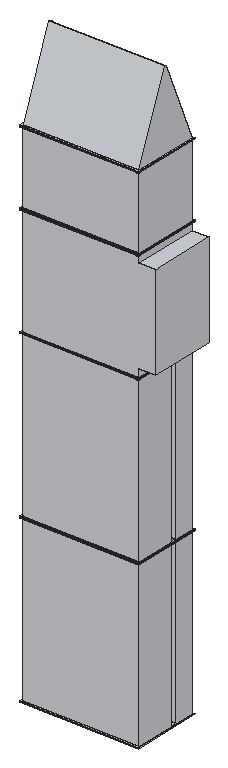
Revit family "18.Воздушная завеса с электрическим подогревом PWZ-C на базе вентилятора WNP", category Оборудование, Revit 2016
Family settings
  Тип детали = Нормальный
  Размер круглого соединителя = Использовать диаметр
  На основе рабочей плоскости = Нет
  Всегда вертикально = Да
  При загрузке вырезать с полостями = Нет
  Общий = Нет
  Точка расчета площади = Нет
Parameters (values of type "70-40 M")
  х2 = И1 / 2  # 1000 mm
  х1 = х * 0.6  # 672.84 mm
  х = И2 * 0.7  # 1121.4 mm
  отступ = х2 * 0.05  # 50 mm
  ножки(да/нет) [instance] = no
  Ширина щели = 42 mm  # constant formula
  Ширина = А  # 700 mm
  Частотный преобразователь [instance] = no
  Частота вращения n, об/мин = ""
  Ток эл. нагревателя, А = "45.1"
  Тип, марка, обозначение = "PWZ-C 70-40 M E"
  Сила тока J, А = "3,45"
  Регулятор расхода [instance] = no
  Раздел = "ОВ"
  Примечание = ""
  Позиция = ""
  Напряжение U,В = "3-380"
  Наименование и тех.хар-ка = "Воздушная завеса с электрическим подогревом"  # constant formula
  Мощность, кВт = 30 W
  Мощность двигателя N,Вт = "1500"
  Материал = Сталь серая
  Масса единицы = ""
  Макс. расход воздуха м3/ч = ""
  Макс. полное давление, Па = ""
  И2 = 1602 mm
  Код, оборудования = ""
  Ключевая пометка = "Вентиляция"
  И1 = 2000 mm
  Задание электрикам [instance] = no
  Задание автоматчикам [instance] = no
  Завод изготовитель = "KORF"  # constant formula
  Единица измерения = "шт."  # constant formula
  Высота = Б  # 400 mm
  Б1 = Б * 0.3  # 120 mm
  Б = 400 mm
  А = 700 mm
Types (6, lengths in mm): name | х1 | х | Ширина | Ток эл. нагревателя, А | Тип, марка, обозначение | Сила тока J, А | Мощность, кВт | Мощность двигателя N,Вт | И2 | Высота | Б1 | Б | А
  60-30 | 630.84 | 1051.4 | 600 | "22,6" | "PWZ-C 60-30 E" | "2.5" | 15 W | "1100" | 1502 | 300 | 90 | 300 | 600
  60-35 | 681.24 | 1135.4 | 600 | "33.9" | "PWZ-C 60-35 E" | "3,45" | 22.5 W | "1500" | 1622 | 350 | 105 | 350 | 600
  70-40 M | 672.84 | 1121.4 | 700 | "45.1" | "PWZ-C 70-40 M E" | "3,45" | 30 W | "1500" | 1602 | 400 | 120 | 400 | 700
  70-40 | 672.84 | 1121.4 | 700 | "45.1" | "PWZ-C 70-40 E" | "5.9" | 30 W | "3" | 1602 | 400 | 120 | 400 | 700
  80-50 | 725.34 | 1208.9 | 800 | "45.1" | "PWZ-C 80-50 E" | "5.9" | 30 W | "3000" | 1727 | 500 | 150 | 500 | 800
  90-50 | 841.26 | 1402.1 | 900 | "67.6" | "PWZ-C 90-50 E" | "10.7" | 45 W | "5500" | 2003 | 500 | 150 | 500 | 900
Reference planes
  plane 1 "По центру (Вперед/Назад)": y = 0
  plane 2: z = 0
  plane 3 "По центру (Влево/Вправо)": x = 0
  plane 4: x = -350
  plane 5: x = 350
  plane 6: y = 200
  plane 7: y = -200
  plane 8: z = 2000
  plane 9: z = 3602
  plane 10: z = 3121.4
  plane 11: z = 1000
  plane 12: y = 80
  plane 13: y = 38
  plane 14: x = 310
  plane 15: x = -310
  plane 16: z = 2672.84
  plane 17: z = 2622.84
  plane 18: z = 2050
  plane 19: x = 450
Forms (mm)
  Extrusion 1, void, not visible
    sketch origin (-345, -245, 50) x (0, -1, 0) y (0, 0, -1)
      loop
        line (-477.965, -475) -> (-477.965, -450) -> (-528.913, -450) -> (-528.913, -475) -> (-477.965, -475)
    from -47.452 to 12
  Extrusion 2, solid
    sketch origin (0, 0, 0) x (1, 0, 0) y (0, 1, 0)
      loop
        line (-350, 200) -> (-350, -200) -> (350, -200) -> (350, 200) -> (-350, 200)
    from 1000 to 2000
  Extrusion 3, solid
    sketch origin (10, 0, 305.382) x (1, 0, 0) y (0, 0, 1)
      loop
        line (-360, 2816.018) -> (-360, 2367.458) -> (340, 2367.458) -> (340, 2816.018) -> (-360, 2816.018)
    from -200 to 200
  Extrusion 4, solid
    sketch origin (0, 0, 0) x (1, 0, 0) y (0, 0, 1)
      loop
        line (-350, 1000) -> (-350, 0) -> (350, 0) -> (350, 1000) -> (-350, 1000)
    from -200 to 200
  Extrusion 5, solid
    sketch origin (0, 0, 0) x (0, 1, 0) y (0, 0, 1)
      loop
        line (200, 3121.4) -> (3.883, 3602) -> (0, 3602) -> (-3.883, 3602) -> (-200, 3121.4) -> (200, 3121.4)
    from -350 to 350
  Sweep 6, solid
    path in 3D
      loop
        line (350, -200, 0) -> (350, 200, 0) -> (-350, 200, 0) -> (-350, -200, 0) -> (350, -200, 0)
    profile origin (0, -200, 0) x (0, -1, 0) y (0, 0, -1)
      loop
        line (0, 0) -> (0, -5) -> (10, -5) -> (10, 0) -> (0, 0)
  Sweep 7, solid
    path in 3D
      loop
        line (-350, -200, 1000) -> (-350, 200, 1000) -> (350, 200, 1000) -> (350, -200, 1000) -> (-350, -200, 1000)
    profile origin (0, -200, 1000) x (0, -1, 0) y (0, 0, 1)
      loop
        line (10, -5) -> (10, -1.078) -> (8.696, 0) -> (10, 1.304) -> (10, 5) -> (0, 5) -> (0, 0) -> (0, -5) -> (10, -5)
  Sweep 8, solid
    path in 3D
      loop
        line (350, -200, 2672.84) -> (350, 200, 2672.84) -> (-350, 200, 2672.84) -> (-350, -200, 2672.84) -> (350, -200, 2672.84)
    profile origin (0, -200, 2672.84) x (0, -1, 0) y (0, 0, -1)
      loop
        line (0, -5) -> (10, -5) -> (10, -1.61) -> (8.39, 0) -> (10, 1.61) -> (10, 5) -> (0, 5) -> (0, 0) -> (0, -5)
  Sweep 9, solid
    path in 3D
      loop
        line (-350, -200, 3121.4) -> (-350, 200, 3121.4) -> (350, 200, 3121.4) -> (350, -200, 3121.4) -> (-350, -200, 3121.4)
    profile origin (0, -200, 3121.4) x (0, 1, 0) y (0, 0, -1)
      loop
        line (0, 5) -> (-10, 5) -> (-10, 1.71) -> (-8.29, 0) -> (-10, -1.71) -> (-10, -5) -> (3.254, -5) -> (0, 0.01) -> (0, 5)
  Extrusion 10, void
    sketch origin (0, 0, 0) x (0, 1, 0) y (0, 0, 1)
      loop
        line (38, 2000) -> (38, 5) -> (80, 5) -> (80, 2000) -> (38, 2000)
    from 310 to 350
  Extrusion 11, void
    sketch origin (0, 0, 0) x (0, 1, 0) y (0, 0, -1)
      loop
        line (38, -2000) -> (80, -2000) -> (80, -5) -> (38, -5) -> (38, -2000)
    from 310 to 350
  Extrusion 12, solid
    sketch origin (0, 0, 0) x (1, 0, 0) y (0, 0, 1)
      loop
        line (-350, 2672.84) -> (-350, 2000) -> (350, 2000) -> (350, 2672.84) -> (-350, 2672.84)
    from -200 to 200
  Sweep 13, solid
    path in 3D
      loop
        line (-350, 200, 2000) -> (-350, -200, 2000) -> (350, -200, 2000) -> (350, 200, 2000) -> (-350, 200, 2000)
    profile origin (0, 200, 2000) x (0, 1, 0) y (0, 0, -1)
      loop
        line (0, -3.024) -> (10, -3.024) -> (10, -1.125) -> (9.212, 0) -> (10, 1.265) -> (10, 3.024) -> (0, 3.024) -> (0, 0) -> (0, -3.024)
  Extrusion 14, solid
    sketch origin (0, 0, 0) x (1, 0, 0) y (0, 0, 1)
      loop
        line (350, 2622.84) -> (350, 2050) -> (450, 2050) -> (450, 2622.84) -> (350, 2622.84)
    from -200 to 200
Cuts and joins
  joined: Extrusion 5, Sweep 9
  Extrusion 10, Extrusion 11 cuts Extrusion 4
  Extrusion 10, Extrusion 11 cuts Extrusion 2
  Extrusion 11 cuts Extrusion 3
  Extrusion 11 cuts Sweep 6
  Extrusion 11 cuts Sweep 7
  Extrusion 11 cuts Sweep 8
  joined: Extrusion 12, Extrusion 14
Lines and regions (mm)
  sketch lines
    curve 1: line (-350, -200, 0) -> (350, -200, 0)
    curve 2: line (350, -200, 0) -> (350, 200, 0)
    curve 3: line (350, 200, 0) -> (-350, 200, 0)
    curve 4: line (-350, -200, 0) -> (-350, 200, 0)
    curve 5: line (350, -200, 1000) -> (-350, -200, 1000)
    curve 6: line (350, -200, 1000) -> (350, 200, 1000)
    curve 7: line (-350, 200, 1000) -> (350, 200, 1000)
    curve 8: line (-350, -200, 1000) -> (-350, 200, 1000)
    curve 9: line (-350, -200, 2672.84) -> (350, -200, 2672.84)
    curve 10: line (350, -200, 2672.84) -> (350, 200, 2672.84)
    curve 11: line (350, 200, 2672.84) -> (-350, 200, 2672.84)
    curve 12: line (-350, -200, 2672.84) -> (-350, 200, 2672.84)
    curve 13: line (350, -200, 3121.4) -> (-350, -200, 3121.4)
    curve 14: line (350, -200, 3121.4) -> (350, 200, 3121.4)
    curve 15: line (350, 200, 3121.4) -> (-350, 200, 3121.4)
    curve 16: line (-350, 200, 3121.4) -> (-350, -200, 3121.4)
    curve 17: line (350, 200, 2000) -> (-350, 200, 2000)
    curve 18: line (-350, -200, 2000) -> (-350, 200, 2000)
    curve 19: line (-350, -200, 2000) -> (350, -200, 2000)
    curve 20: line (350, -200, 2000) -> (350, 200, 2000)
Dimensions and locks
  equal spacing: plane 6, plane 1 "По центру (Вперед/Назад)", plane 7
  "Б": plane 6 to plane 7
  equal spacing: plane 4, plane 3 "По центру (Влево/Вправо)", plane 5
  "А": plane 4 to plane 5
  "И1": plane 8 to level
  "И2": plane 9 to plane 8
  "х": plane 10 to plane 8
  "х2": plane 11 to level
  "Б1": plane 12 to plane 6
  "Ширина щели": plane 13 to plane 12
  locked: plane 4 to plane 15 at 40
  locked: plane 14 to plane 5 at 40
  "х1": plane 16 to plane 8
  "отступ": plane 18 to plane 8
  "отступ": plane 16 to plane 17
  locked: plane 19 to plane 5 at 100
  aligned and locked: level to plane 2
  aligned and locked: Extrusion 2 to plane 4
  aligned and locked: Extrusion 2 to plane 7
  aligned and locked: plane 5 to Extrusion 2
  aligned and locked: plane 6 to Extrusion 2
  aligned and locked: plane 8 to Extrusion 2
  aligned and locked: Extrusion 3 to plane 4
  aligned and locked: plane 5 to Extrusion 3
  aligned and locked: plane 10 to Extrusion 3
  aligned and locked: Extrusion 2 to Extrusion 3
  aligned and locked: Extrusion 3 to Extrusion 2
  aligned and locked: Extrusion 2 to plane 11
  aligned and locked: plane 5 to Extrusion 4
  aligned and locked: Extrusion 4 to plane 4
  aligned and locked: Extrusion 4 to level
  aligned and locked: plane 11 to Extrusion 4
  aligned and locked: Extrusion 4 to Extrusion 2  (x2)
  aligned and locked: Extrusion 5 to Extrusion 2  (x2)
  aligned and locked: Extrusion 2 to Extrusion 10  (x2)
  aligned and locked: plane 12 to Extrusion 10
  aligned and locked: plane 13 to Extrusion 10
  aligned and locked: Extrusion 10 to plane 14
  aligned and locked: plane 12 to Extrusion 11
  aligned and locked: plane 13 to Extrusion 11
  aligned and locked: Extrusion 2 to Extrusion 11
  aligned and locked: Extrusion 11 to cut or joined group of Sweep 6, Extrusion 11
  aligned and locked: Extrusion 10 to cut or joined group of Sweep 6, Extrusion 11
  aligned and locked: Extrusion 3 to plane 16
  aligned and locked: plane 15 to Extrusion 11
  aligned and locked: Extrusion 12 to plane 4
  aligned and locked: plane 5 to Extrusion 12
  aligned and locked: Extrusion 12 to plane 8
  aligned and locked: Extrusion 12 to cut or joined group of Extrusion 3, Extrusion 11
  aligned and locked: Extrusion 12 to plane 7
  aligned and locked: plane 6 to Extrusion 12
  aligned and locked: Extrusion 14 to plane 17
  aligned and locked: Extrusion 14 to plane 18
  aligned and locked: plane 19 to Extrusion 14
  aligned and locked: Extrusion 14 to plane 5
  aligned and locked: Extrusion 14 to plane 7
  aligned and locked: plane 6 to Extrusion 14
Automatic sketch dimensions
  Extrusion 2 sketch curve to plane 4 = 0 mm
  Extrusion 2 sketch curve to plane 5 = 0 mm
  Extrusion 2 sketch curve to plane 7 = 0 mm
  Extrusion 2 sketch curve to plane 6 = 0 mm
  plane 4 to Extrusion 3 sketch curve = 0 mm
  plane 5 to Extrusion 3 sketch curve = 0 mm
  plane 8 to Extrusion 3 sketch curve = 672.84 mm
  plane 10 to Extrusion 3 sketch curve = 0 mm
  Extrusion 4 sketch curve to level = 0 mm
  Extrusion 4 sketch curve to plane 4 = 0 mm
  Extrusion 4 sketch curve to plane 5 = 0 mm
  Extrusion 4 sketch curve to plane 11 = 0 mm
  Extrusion 5 sketch curve to plane 7 = 0 mm
  Extrusion 5 sketch curve to plane 9 = 0 mm
  Extrusion 5 sketch curve to plane 1 "По центру (Вперед/Назад)" = 0 mm
  Extrusion 5 sketch curve to plane 6 = 0 mm
  Extrusion 5 sketch curve to plane 10 = 0 mm
  plane 1 "По центру (Вперед/Назад)" to Extrusion 5 sketch curve = 3.883 mm
  Extrusion 5 sketch curve to plane 1 "По центру (Вперед/Назад)" = 3.883 mm
  Sweep 6 sketch curve to profile plane = 0 mm
  profile plane to Sweep 6 sketch curve = 0 mm
  Sweep 6 sketch curve to profile plane = 10 mm
  Sweep 6 sketch curve to profile plane = 5 mm
  Sweep 7 sketch curve to profile plane = 0 mm  (x3)
  Sweep 7 sketch curve to profile plane = 8.696 mm
  Sweep 7 sketch curve to Sweep 7 sketch curve = 1.304 mm  (x2)
  Sweep 7 sketch curve to profile plane = 1.078 mm
  Sweep 7 sketch curve to Sweep 7 sketch curve = 3.922 mm
  profile plane to Sweep 7 sketch curve = 1.304 mm
  profile plane to Sweep 7 sketch curve = 5 mm
  Sweep 8 sketch curve to profile plane = 0 mm
  profile plane to Sweep 8 sketch curve = 0 mm  (x2)
  Sweep 8 sketch curve to profile plane = 8.39 mm
  Sweep 8 sketch curve to Sweep 8 sketch curve = 1.61 mm  (x2)
  Sweep 8 sketch curve to profile plane = 1.61 mm
  Sweep 8 sketch curve to profile plane = 5 mm
  Sweep 8 sketch curve to Sweep 8 sketch curve = 3.39 mm
  profile plane to Sweep 9 sketch curve = 0 mm
  Sweep 9 sketch curve to profile plane = 0 mm
  profile plane to Sweep 9 sketch curve = 8.29 mm
  Sweep 9 sketch curve to Sweep 9 sketch curve = 1.71 mm  (x2)
  Sweep 9 sketch curve to profile plane = 3.254 mm
  Sweep 9 sketch curve to profile plane = 1.71 mm
  Sweep 9 sketch curve to profile plane = 5 mm
  profile plane to Sweep 9 sketch curve = 0.01 mm
  Sweep 9 sketch curve to Sweep 9 sketch curve = 4.99 mm
  level to Extrusion 10 sketch curve = 5 mm
  Extrusion 10 sketch curve to plane 13 = 0 mm
  Extrusion 10 sketch curve to plane 12 = 0 mm
  Extrusion 10 sketch curve to plane 8 = 0 mm
  level to Extrusion 11 sketch curve = 5 mm
  Extrusion 11 sketch curve to plane 13 = 0 mm
  Extrusion 11 sketch curve to plane 12 = 0 mm
  Extrusion 11 sketch curve to plane 8 = 0 mm
  Extrusion 12 sketch curve to plane 15 = 40 mm
  plane 14 to Extrusion 12 sketch curve = 40 mm
  plane 8 to Extrusion 12 sketch curve = 0 mm
  Extrusion 12 sketch curve to plane 16 = 0 mm
  Sweep 13 sketch curve to profile plane = 3.024 mm
  Sweep 13 sketch curve to Sweep 13 sketch curve = 10 mm
  Sweep 13 sketch curve to profile plane = 1.125 mm
  profile plane to Sweep 13 sketch curve = 3.024 mm
  profile plane to Sweep 13 sketch curve = 1.265 mm
  Sweep 13 sketch curve to Sweep 13 sketch curve = 0 mm
  Sweep 13 sketch curve to profile plane = 0 mm
  profile plane to Sweep 13 sketch curve = 0 mm  (x2)
  Sweep 13 sketch curve to Sweep 13 sketch curve = 0.788 mm
  Extrusion 14 sketch curve to plane 19 = 0 mm
  plane 5 to Extrusion 14 sketch curve = 0 mm
  plane 18 to Extrusion 14 sketch curve = 0 mm
  Extrusion 14 sketch curve to plane 17 = 0 mm
Nested families
  nested 1: "крепление 15мм" at (-330, 229.965, 495), type "крепление 15мм", not visible
Connectors
  hvac at (0, 0, 0), driven by "Ширина", driven by "Высота"
    settings: on Extrusion 4, index 1, duct flow 0.0 L/s, flow factor 0, pres drop 0.0 Pa, loss coef 0, conn angle 0.00°, conn width 700 mm, conn height 400 mm, conn diameter 609.6 mm, duct sys type 28, conn prof type 1, flow config 0, flow direction 0, loss method 0, conn ref index -1, conn util no, is conn primary yes, conn desc ""
Definition of nested family "крепление 15мм"
  Parameters (values of type "крепление 15мм")
    Материал крепления = none
  Reference planes
    plane 1 "По центру (Вперед/Назад)": y = 0
    plane 2: z = 0
    plane 3 "По центру (Влево/Вправо)": x = 0
  Forms (mm)
    Extrusion 1, solid, material <- "Материал крепления"
      sketch origin (0, 0, 0) x (1, 0, 0) y (0, 1, 0)
        loop
          line (-25, 0) -> (0, 0) -> (0, 18.31) -> (0, 25) -> (-3, 25) -> (-3, 3) -> (-25, 3) -> (-25, 0)
      from 0 to 30
    Extrusion 2, void
      sketch origin (0, 0, 0) x (1, 0, 0) y (0, 1, 0)
        loop
          line (-3, 3) -> (-3, 54.96) -> (-58, 54.96) -> (-58, 3) -> (-3, 3)
      from 0 to 15
  Cuts and joins
    Extrusion 2 cuts Extrusion 1
  Dimensions and locks
    Extrusion 1 sketch curve to Extrusion 1 sketch curve = 3 mm  (x2)
    Extrusion 1 sketch curve to Extrusion 1 sketch curve to plane 3 "По центру (Влево/Вправо)" = 25 mm, 0 mm
    Extrusion 1 sketch curve to Extrusion 1 sketch curve = 25 mm
    aligned and locked: level to plane 2
